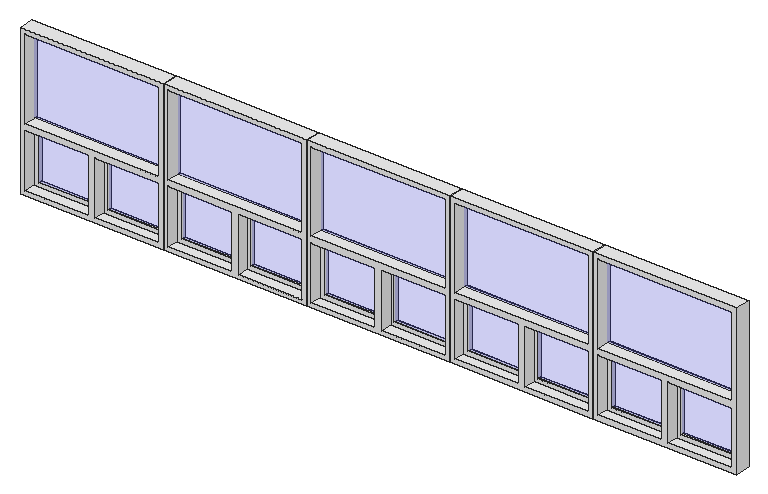
Revit family
Parameters (values of type "AW17")
  창 두께 = 150 mm
  창 패널 = AW16 창 패널
  창 프레임 = AW16 창 프레임
  폭 1 = Width / 5  # 1440 mm
  Height = 1500 mm
  절반 창 두께 = 창 두께 / 2  # 75 mm
  기본 씰 높이 = 900 mm
  Wall Closure = (empty or 0)
  Width = 7200 mm
Types (3, lengths in mm): name | 폭 1 | Width
  (no name) | 1440 | 7200
  AW16 | 1480 | 7400
  AW17 | 1440 | 7200
Reference planes
  plane 1: y = 0
  plane 2 "중심(왼쪽/오른쪽)": x = 0
  plane 3 "왼쪽": x = -3600
  plane 4 "오른쪽": x = 3600
  plane 5 "씰": z = 900
  plane 6 "헤드": z = 2400
  plane 7 "외부": y = 100
  plane 8 "내부": y = -100
  plane 9: y = 75
  plane 10: y = -75
  plane 11: y = 35
  plane 12: x = -3555
  plane 13: x = 3555
  plane 14: x = -3545
  plane 15: x = 3545
  plane 16: z = 1500
  plane 17: z = 1490
  plane 18: z = 1545
  plane 19: y = 55
  plane 20: y = 66
  plane 21: y = 44
  plane 22: y = -11
  plane 23: y = 11
  plane 24: x = -2160
  plane 25: x = 2160
  plane 26: x = -2192.5
  plane 27: x = -2127.5
  plane 28: x = -2182.5
  plane 29: x = -2137.5
  plane 30: x = 2127.5
  plane 31: x = 2192.5
  plane 32: x = 2137.5
  plane 33: x = 2182.5
  plane 34: x = 2880
  plane 35: x = -2880
  plane 36: x = -2912.5
  plane 37: x = -2847.5
  plane 38: x = -2902.5
  plane 39: x = -2857.5
  plane 40: x = 2847.5
  plane 41: x = 2912.5
  plane 42: x = 2857.5
  plane 43: x = 2902.5
  plane 44: x = 3240
  plane 45: x = 2520
  plane 46: x = -2520
  plane 47: x = -3240
  plane 48: x = -720
  plane 49: x = 720
  plane 50: x = -1480
  plane 51: x = 1480
  plane 52: x = -1512.5
  plane 53: x = -1447.5
  plane 54: x = -1502.5
  plane 55: x = -1457.5
  plane 56: x = -752.5
  plane 57: x = -687.5
  plane 58: x = -742.5
  plane 59: x = -697.5
  plane 60: x = -32.5
  plane 61: x = 32.5
  plane 62: x = -22.5
  plane 63: x = 22.5
  plane 64: x = 687.5
  plane 65: x = 752.5
  plane 66: x = 697.5
  plane 67: x = 742.5
  plane 68: x = 1447.5
  plane 69: x = 1512.5
  plane 70: x = 1457.5
  plane 71: x = 1502.5
Text (mm)
  text "외부" at (-1963.203, 1332.353, 0), in view "참조 레벨"
  text "내부" at (-1981.466, -818.386, 0), in view "참조 레벨"
  text "외부" at (0, 923.751, 2943.296), in view "오른쪽"
  text "외부" at (0, 1040.484, 2685.409), in view "왼쪽"
Dimensions and locks
  equal spacing: plane 3 "왼쪽", plane 2 "중심(왼쪽/오른쪽)", plane 4 "오른쪽"
  "Width": plane 3 "왼쪽" to plane 4 "오른쪽"
  "Height": plane 5 "씰" to plane 6 "헤드"
  "기본 씰 높이": plane 5 "씰" to level
  locked: plane 7 "외부" to host wall at 0
  locked: plane 8 "내부" to host wall
  plane 17 to plane 16 to plane 18 = 10 mm locked, 45 mm locked
  plane 9 to plane 19 to plane 11 = 20 mm locked, 20 mm locked
  plane 20 to plane 19 to plane 21 = 11 mm locked, 11 mm locked
  plane 23 to host wall to plane 22 = 11 mm locked, 11 mm locked
  plane 3 "왼쪽" to plane 12 to plane 14 = 45 mm locked, 10 mm locked
  plane 15 to plane 13 to plane 4 "오른쪽" = 10 mm locked, 45 mm locked
  locked: plane 5 "씰" to plane 16 at 600
  plane 26 to plane 28 to plane 24 to plane 29 to plane 27 = 10 mm locked, 22.5 mm locked, 22.5 mm locked, 10 mm locked
  plane 30 to plane 32 to plane 25 to plane 33 to plane 31 = 10 mm locked, 22.5 mm locked, 22.5 mm locked, 10 mm locked
  equal spacing: plane 24, plane 35, plane 3 "왼쪽"
  equal spacing: plane 25, plane 34, plane 4 "오른쪽"
  plane 36 to plane 38 to plane 35 to plane 39 to plane 37 = 10 mm locked, 22.5 mm locked, 22.5 mm locked, 10 mm locked
  plane 40 to plane 42 to plane 34 to plane 43 to plane 41 = 10 mm locked, 22.5 mm locked, 22.5 mm locked, 10 mm locked
  equal spacing: plane 34, plane 44, plane 4 "오른쪽"
  equal spacing: plane 34, plane 45, plane 25
  equal spacing: plane 35, plane 46, plane 24
  equal spacing: plane 35, plane 47, plane 3 "왼쪽"
  equal spacing: plane 3 "왼쪽", plane 24, plane 48, plane 49, plane 25, plane 4 "오른쪽"
  plane 52 to plane 54 to plane 50 to plane 55 to plane 53 = 10 mm locked, 22.5 mm locked, 22.5 mm locked, 10 mm locked
  plane 56 to plane 58 to plane 48 to plane 59 to plane 57 = 10 mm locked, 22.5 mm locked, 22.5 mm locked, 10 mm locked
  plane 60 to plane 62 to plane 2 "중심(왼쪽/오른쪽)" to plane 63 to plane 61 = 10 mm locked, 22.5 mm locked, 22.5 mm locked, 10 mm locked
  plane 64 to plane 66 to plane 49 to plane 67 to plane 65 = 10 mm locked, 22.5 mm locked, 22.5 mm locked, 10 mm locked
  plane 68 to plane 70 to plane 51 to plane 71 to plane 69 = 10 mm locked, 22.5 mm locked, 22.5 mm locked, 10 mm locked
  "절반 창 두께": plane 9 to host wall
  "절반 창 두께": host wall to plane 10
  aligned and locked: nested 1 to plane 5 "씰"
  aligned and locked: plane 4 "오른쪽" to nested 1
  aligned and locked: nested 1 to nested 2
  aligned and locked: nested 2 to nested 3
  aligned and locked: nested 3 to nested 4
  aligned and locked: nested 4 to nested 5
  aligned and locked: nested 2 to plane 5 "씰"
  aligned and locked: plane 5 "씰" to nested 3
  aligned and locked: plane 5 "씰" to nested 4
  aligned and locked: plane 5 "씰" to nested 5
Nested families
  nested 1: "AW9 2" at (2880, 0, 0), type "AW9-1"
    with Height 1500 mm, 기본 씰 높이 900 mm, Width 1440 mm
  nested 2: "AW9 2" at (1440, 0, 0), type "AW9-1"
    with Height 1500 mm, 기본 씰 높이 900 mm, Width 1440 mm
  nested 3: "AW9 2" at (0, 0, 0), type "AW9-1"
    with Height 1500 mm, 기본 씰 높이 900 mm, Width 1440 mm
  nested 4: "AW9 2" at (-1440, 0, 0), type "AW9-1"
    with Height 1500 mm, 기본 씰 높이 900 mm, Width 1440 mm
  nested 5: "AW9 2" at (-2880, 0, 0), type "AW9-1"
    with Height 1500 mm, 기본 씰 높이 900 mm, Width 1440 mm
Definition of nested family "AW9 2"
  Parameters (values of type "AW9")
    창 두께 = 150 mm
    창 패널 = AW26 창 패널
    창 프레임 = AW26 창 프레임
    Height = 2100 mm
    절반 창 두께 = 창 두께 / 2  # 75 mm
    기본 씰 높이 = 600 mm
    Wall Closure = (empty or 0)
    Width = 1500 mm
    Assembly Code = ""
  Types (3, lengths in mm): name | Width
    AW9 | 1500
    AW9 2 | 1600
    AW9 1 | 4500
  Reference planes
    plane 1: y = 0
    plane 2 "중심(왼쪽/오른쪽)": x = 0
    plane 3 "왼쪽": x = -750
    plane 4 "오른쪽": x = 750
    plane 5 "씰": z = 600
    plane 6 "헤드": z = 2700
    plane 7 "외부": y = 100
    plane 8 "내부": y = -100
    plane 9: y = 75
    plane 10: y = -75
    plane 11: y = 35
    plane 12: x = -705
    plane 13: x = 705
    plane 14: x = -695
    plane 15: x = 695
    plane 16: z = 1200
    plane 17: z = 1190
    plane 18: z = 1245
    plane 19: y = 55
    plane 20: y = 66
    plane 21: y = 44
    plane 22: y = -11
    plane 23: y = 11
    plane 24: x = -22.5
    plane 25: x = 22.5
    plane 26: x = -32.5
    plane 27: x = 32.5
    plane 28: z = 2655
    plane 29: z = 645
    plane 30: x = 655
    plane 31: z = 1150
    plane 32: x = -655
    plane 33: z = 685
    plane 34: x = 72.5
    plane 35: x = -72.5
    plane 36: x = 368.75
    plane 37: x = -368.75
  Forms (mm)
    Extrusion 1, solid, material "AW26 창 프레임" <- "창 프레임"
      sketch origin (-2000, 75, 1000) x (-1, 0, 0) y (0, 0, 1)
        loop
          line (-2750, 1700) -> (-2750, -400) -> (-1250, -400) -> (-1250, 1700) -> (-2750, 1700)
        loop
          line (-2705, 1655) -> (-2705, 245) -> (-1295, 245) -> (-1295, 1655) -> (-2705, 1655)
        loop
          line (-2705, -355) -> (-2032.5, -355) -> (-2032.5, 190) -> (-2705, 190) -> (-2705, -355)
        loop
          line (-1295, -355) -> (-1295, 190) -> (-1967.5, 190) -> (-1967.5, -355) -> (-1295, -355)
      from -150 to 0
    Extrusion 2, solid, material "AW26 창 프레임" <- "창 프레임"
      sketch origin (-2000, 75, 1000) x (-1, 0, 0) y (0, 0, 1)
        loop
          line (-2705, 190) -> (-2705, -355) -> (-2032.5, -355) -> (-2032.5, 190) -> (-2705, 190)
        loop
          line (-1967.5, 190) -> (-1967.5, -355) -> (-1295, -355) -> (-1295, 190) -> (-1967.5, 190)
        loop
          line (-2655, 150) -> (-2655, -315) -> (-2072.5, -315) -> (-2072.5, 150) -> (-2655, 150)
        loop
          line (-1927.5, 150) -> (-1927.5, -315) -> (-1345, -315) -> (-1345, 150) -> (-1927.5, 150)
      from -40 to 0
    Extrusion 3, solid, material "AW26 창 패널" <- "창 패널"
      sketch origin (-2000, 75, 1000) x (-1, 0, 0) y (0, 0, 1)
        loop
          line (-2705, 1655) -> (-2705, 245) -> (-1295, 245) -> (-1295, 1655) -> (-2705, 1655)
        loop
          line (-2655, 150) -> (-2655, -315) -> (-2072.5, -315) -> (-2072.5, 150) -> (-2655, 150)
        loop
          line (-1927.5, 150) -> (-1927.5, -315) -> (-1345, -315) -> (-1345, 150) -> (-1927.5, 150)
      from -31 to -9
  Lines and regions (mm)
    Opening 1
      outline origin (3500, -100, 0) x (1, 0, 0) y (0, 0, 1)
        loop
          line (-2750, 600) -> (-2750, 2700) -> (-4250, 2700) -> (-4250, 600) -> (-2750, 600)
    symbolic lines, style "입면도 스윙"
      curve 1: line (368.75, 75, 1190) -> (705, 75, 645)
      curve 2: line (368.75, 75, 1190) -> (32.5, 75, 645)
      curve 3: line (-32.5, 75, 645) -> (-368.75, 75, 1190)
      curve 4: line (-368.75, 75, 1190) -> (-705, 75, 645)
    symbolic lines
      curve 5: line (-750, 75, 0) -> (750, 75, 0)
      curve 6: line (-705, 0, 0) -> (705, 0, 0)
      curve 7: line (-750, -75, 0) -> (750, -75, 0)
      curve 8: line (-705, 75, 0) -> (-705, -75, 0)
      curve 9: line (705, 75, 0) -> (705, -75, 0)
  Text (mm)
    text "외부" at (-1963.203, 1332.353, 0), in view "참조 레벨"
    text "내부" at (-1981.466, -818.386, 0), in view "참조 레벨"
    text "외부" at (0, 923.751, 2943.296), in view "오른쪽"
    text "외부" at (0, 1040.484, 2685.409), in view "왼쪽"
  Dimensions and locks
    equal spacing: plane 3 "왼쪽", plane 2 "중심(왼쪽/오른쪽)", plane 4 "오른쪽"
    "Width": plane 3 "왼쪽" to plane 4 "오른쪽"
    "Height": plane 5 "씰" to plane 6 "헤드"
    locked: plane 7 "외부" to host wall at 0
    locked: plane 8 "내부" to host wall
    plane 17 to plane 16 to plane 18 = 10 mm locked, 45 mm locked
    plane 9 to plane 19 to plane 11 = 20 mm locked, 20 mm locked
    plane 20 to plane 19 to plane 21 = 11 mm locked, 11 mm locked
    plane 23 to host wall to plane 22 = 11 mm locked, 11 mm locked
    plane 3 "왼쪽" to plane 12 to plane 14 = 45 mm locked, 10 mm locked
    plane 15 to plane 13 to plane 4 "오른쪽" = 10 mm locked, 45 mm locked
    plane 24 to plane 2 "중심(왼쪽/오른쪽)" to plane 25 = 22.5 mm locked, 22.5 mm locked
    locked: plane 26 to plane 24 at 10
    locked: plane 25 to plane 27 at 10
    locked: plane 5 "씰" to plane 16 at 600
    "절반 창 두께": plane 9 to plane 1
    "절반 창 두께": plane 10 to plane 1
    "기본 씰 높이": level to plane 5 "씰"
    locked: plane 28 to plane 6 "헤드" at 45
    locked: plane 5 "씰" to plane 29 at 45
    locked: plane 30 to plane 15 at 40
    locked: plane 31 to plane 17 at 40
    locked: plane 14 to plane 32 at 40
    locked: plane 29 to plane 33 at 40
    locked: plane 34 to plane 27 at 40
    locked: plane 26 to plane 35 at 40
    equal spacing: plane 27, plane 36, plane 13
    equal spacing: plane 26, plane 37, plane 12
    aligned and locked: plane 6 "헤드" to Extrusion 1 sketch curve
    aligned and locked: plane 4 "오른쪽" to Extrusion 1 sketch curve
    aligned and locked: Extrusion 1 sketch curve to plane 5 "씰"
    aligned and locked: Extrusion 1 sketch curve to plane 3 "왼쪽"
    aligned and locked: Extrusion 1 sketch curve to plane 28
    aligned and locked: plane 13 to Extrusion 1 sketch curve  (x2)
    aligned and locked: plane 29 to Extrusion 1 sketch curve  (x2)
    aligned and locked: Extrusion 1 sketch curve to plane 12
    aligned and locked: plane 18 to Extrusion 1 sketch curve
    aligned and locked: plane 12 to Extrusion 1 sketch curve
    aligned and locked: plane 17 to Extrusion 1 sketch curve  (x2)
    aligned and locked: plane 27 to Extrusion 1 sketch curve
    aligned and locked: plane 26 to Extrusion 1 sketch curve
    aligned and locked: Extrusion 1 to plane 10
    aligned and locked: plane 9 to Extrusion 1
    aligned and locked: plane 17 to Extrusion 2 sketch curve  (x2)
    aligned and locked: plane 13 to Extrusion 2 sketch curve
    aligned and locked: plane 29 to Extrusion 2 sketch curve  (x2)
    aligned and locked: plane 27 to Extrusion 2 sketch curve
    aligned and locked: Extrusion 2 sketch curve to plane 31  (x2)
    aligned and locked: Extrusion 2 sketch curve to plane 30
    aligned and locked: plane 33 to Extrusion 2 sketch curve  (x2)
    aligned and locked: Extrusion 2 sketch curve to plane 34
    aligned and locked: Extrusion 2 sketch curve to plane 26
    aligned and locked: Extrusion 2 sketch curve to plane 12
    aligned and locked: Extrusion 2 sketch curve to plane 35
    aligned and locked: Extrusion 2 sketch curve to plane 32
    aligned and locked: Extrusion 2 to plane 9
    aligned and locked: Extrusion 2 to plane 11
    aligned and locked: Extrusion 3 sketch curve to plane 28
    aligned and locked: plane 13 to Extrusion 3 sketch curve
    aligned and locked: Extrusion 3 sketch curve to plane 18
    aligned and locked: Extrusion 3 sketch curve to plane 12
    aligned and locked: Extrusion 3 sketch curve to plane 31  (x2)
    aligned and locked: Extrusion 3 sketch curve to plane 30
    aligned and locked: plane 33 to Extrusion 3 sketch curve  (x2)
    aligned and locked: Extrusion 3 sketch curve to plane 34
    aligned and locked: Extrusion 3 sketch curve to plane 35
    aligned and locked: Extrusion 3 sketch curve to plane 32
    aligned and locked: Extrusion 3 to plane 21
    aligned and locked: plane 20 to Extrusion 3
    aligned and locked: plane 36 to curve 1
    aligned and locked: plane 29 to curve 1
    aligned and locked: plane 13 to curve 1
    aligned and locked: plane 17 to curve 2
    aligned and locked: plane 27 to curve 2
    aligned and locked: plane 29 to curve 2
    aligned and locked: plane 17 to curve 3
    aligned and locked: plane 37 to curve 3
    aligned and locked: plane 29 to curve 3
    aligned and locked: plane 26 to curve 3
    aligned and locked: plane 29 to curve 4
    aligned and locked: plane 12 to curve 4
    aligned and locked: plane 3 "왼쪽" to curve 5
    aligned and locked: plane 3 "왼쪽" to curve 7
    aligned and locked: plane 12 to curve 6
    aligned and locked: plane 4 "오른쪽" to curve 5
    aligned and locked: plane 4 "오른쪽" to curve 7
    aligned and locked: plane 13 to curve 6
    aligned and locked: plane 13 to curve 9
    aligned and locked: plane 9 to curve 8
    aligned and locked: plane 10 to curve 8
    aligned and locked: plane 12 to curve 8
    aligned and locked: curve 5 to plane 9
    aligned and locked: curve 7 to plane 10
    aligned and locked: host wall to curve 6
  Automatic sketch dimensions
    Opening 1 sketch curve to plane 3 "왼쪽" = 0 mm
    Opening 1 sketch curve to plane 4 "오른쪽" = 0 mm
    Opening 1 sketch curve to plane 5 "씰" = 0 mm
    Opening 1 sketch curve to plane 6 "헤드" = 0 mm
    Extrusion 1 sketch curve to plane 17 = 0 mm
    Extrusion 1 sketch curve to plane 29 = 0 mm
